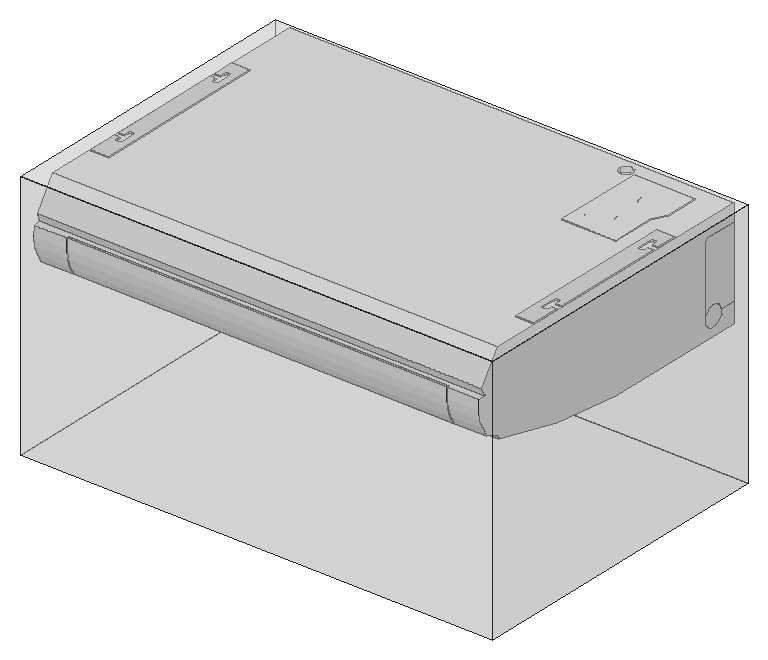
Revit family "outputfile", category 機械設備, Revit 2024
Family settings
  丸型コネクタ寸法 = 半径を使用
  パーツ タイプ = 標準
  OmniClass 番号 = 23.75.10.24.21.27.27
  OmniClass タイトル = Split System Air Conditioning Units
  作業面ベース = いいえ
  常に垂直 = はい
  ロード時にボイドで切り取り = いいえ
  注釈の向きを維持 = いいえ
  共有 = いいえ
  部屋計算ポイント = はい
Parameters (values of type "FHA60CVMV")
  Description = ""
  製造元 = "Daikin"
  書き出し IFC クラス(タイプ) = "IfcUnitaryEquipmentType"
  定義済み IFC タイプ(タイプ) = "AIRCONDITIONINGUNIT"
  Cost = 0
  モデル = "FHA60CVMV"
  Type Comments = ""
  Keynote = ""
  Type Image = (empty or 0)
  Assembly Code = ""
  switch_frequency = yes
  r_Liquid Pipe Size = Liquid Pipe Size / 2  # 4.75 mm
  r_Gas Pipe Size = Gas Pipe Size / 2  # 7.95 mm
  r_Drain Pipe Size = Drain Pipe Size / 2  # 10.0 mm
  l_powersupply [instance] = if(Rear Right Connection_powersupply, 29.0 mm, 175.0 mm)  # 29.0 mm
  h_mountinghole = 2.0 mm  # constant formula
  connector_voltage = Voltage_50Hz  # 230 V
  connector_powerinput = [Power Input (Cooling)]  # 1.530 kW
  connector_phase = Phase_50Hz  # 1
  angle_vertical_powersupply [instance] = if(Rear Right Connection_powersupply, 90.00°, 180.00°)  # 90.00°
  angle_vertical_drainpipe [instance] = if(or(Left Connection_drainpipe, Right Connection_drainpipe), 90.00°, if(Top Connection_drainpipe, 180.00°, -90.00°))  # -90.00°
  angle_horizontal_powersupply [instance] = if(Rear Right Connection_powersupply, 180.00°, 0.00°)  # 180.00°
  angle_horizontal_drainpipe [instance] = if(Right Connection_drainpipe, 90.00°, if(Left Connection_drainpipe, -90.00°, 0.00°))  # 0.00°
  Voltage_comment_60Hz = "220-230"
  Voltage_comment_50Hz = "220 - 240"
  Voltage_60Hz = 220 V
  Voltage_50Hz = 230 V
  URL = ""
  Top Connection_refrigerant [instance] = no
  Top Connection_powersupply [instance] = not(Rear Right Connection_powersupply)  # no
  Right Connection_refrigerant [instance] = no
  Rear Right Connection_refrigerant [instance] = yes
  Phase_60Hz = 1
  Phase_50Hz = 1
  Minimum Circuit Amps_60Hz = 0.0 A
  Minimum Circuit Amps_50Hz = 0.0 A
  Maximum Fuse Amps_60Hz = 0.0 A
  Maximum Fuse Amps_50Hz = 0.0 A
  Material_Casing = DAIKIN_White_Casing_indoorunit
  lw_powersupply [instance] = if(Rear Right Connection_powersupply, 220.0 mm, 210.0 mm)  # 220.0 mm
  lw_mountinghole_pitch = Width - 40.0 mm  # 920.0 mm
  lw_mountinghole = 20.0 mm  # constant formula
  lw_liquidpipe [instance] = if(Right Connection_refrigerant, 156.0 mm, if(Top Connection_refrigerant, 156.0 mm, 136.0 mm))  # 136.0 mm
  lw_gaspipe = 105.0 mm  # constant formula
  lw_drainpipe [instance] = if(Top Connection_drainpipe, 102.0 mm, if(Width = 960.0 mm, if(or(Left Connection_drainpipe, Rear Left Connection_drainpipe), 884.0 mm, 83.0 mm), if(Width = 1270.0 mm, if(or(Left Connection_drainpipe, Rear Left Connection_drainpipe), 1194.0 mm, 83.0 mm), if(Width = 1590.0 mm, if(or(Left Connection_drainpipe, Rear Left Connection_drainpipe), 1514.0 mm, 83.0 mm), 83.0 mm))))  # 83.0 mm
  lh_powersupply = 175.0 mm  # constant formula
  lh_liquidpipe [instance] = if(Rear Right Connection_refrigerant, 160.0 mm, 131.0 mm)  # 160.0 mm
  lh_gaspipe [instance] = if(Rear Right Connection_refrigerant, 150.0 mm, 91.0 mm)  # 150.0 mm
  lh_drainpipe = 197.0 mm  # constant formula
  l_antena = 1.0 mm  # constant formula
  ld_powersupply = 30.0 mm  # constant formula
  ld_mountinghole_pitch = 260.0 mm  # constant formula
  ld_mountinghole = 210.0 mm  # constant formula
  ld_liquidpipe [instance] = if(Right Connection_refrigerant, 57.0 mm, if(Top Connection_refrigerant, 189.0 mm, 221.0 mm))  # 221.0 mm
  ld_gaspipe [instance] = if(Right Connection_refrigerant, 57.0 mm, if(Top Connection_refrigerant, 163.0 mm, 214.0 mm))  # 214.0 mm
  ld_drainpipe [instance] = if(or(Left Connection_drainpipe, Right Connection_drainpipe), 57.0 mm, if(Top Connection_drainpipe, 87.0 mm, 268.0 mm))  # 268.0 mm
  l_liquidpipe_length [instance] = if(Right Connection_refrigerant, 156.0 mm, if(Top Connection_refrigerant, 131.0 mm, 220.0 mm))  # 220.0 mm
  l_gaspipe_length [instance] = if(Right Connection_refrigerant, 105.0 mm, if(Top Connection_refrigerant, 91.0 mm, 213.0 mm))  # 213.0 mm
  l_drainpipe_length [instance] = if(Right Connection_drainpipe, 83.0 mm, if(Top Connection_drainpipe, 197.0 mm, if(Left Connection_drainpipe, 76.0 mm, 267.0 mm)))  # 267.0 mm
  h*** = 0.0 mm  # constant formula
  angle_vertical [instance] = if(Right Connection_refrigerant, 90.00°, if(Top Connection_refrigerant, 180.00°, -90.00°))  # -90.00°
  angle_horizontal [instance] = if(Right Connection_refrigerant, 90.00°, 0.00°)  # 0.00°
  Width = 960.0 mm
  Version = "ver.1.0"
  Unit Type = "Ceiling"
  Unit Mass Weight = 25.00 kg
  Unit Designation [instance] = ""
  Uniclass2015Version = "Products v1.30"
  Uniclass2015Title = "Split coil room air conditioning units"
  Uniclass2015Code = "Pr_70_65_03_86"
  Total Cooling Capacity [instance] = 0.000 kW
  Top Connection_drainpipe [instance] = no
  Sound Pressure Level_M speed (dBA) = 35
  Sound Pressure Level_L speed (dBA) = 32
  Sound Pressure Level_H speed (dBA) = 37
  Series = "SkyAir_Fan Coil Unit"
  Sensible Cooling Capacity [instance] = 0.000 kW
  Rear Right Connection_drainpipe [instance] = yes
  Rear Right Connection_powersupply [instance] = yes
  Right Connection_drainpipe [instance] = no
  Refrigerant Type = "R32"
  Power Input (Cooling) = 1.530 kW
  Option Accessory 3 [instance] = ""
  Option Accessory 2 [instance] = ""
  Option Accessory 1 [instance] = ""
  Nominal Cooling Capacity = 6.000 kW
  Minimum Airflow = 600.00 m³/h
  Median Airflow = 720.00 m³/h
  Maximum Airflow = 900.00 m³/h
  Load Classification = HVAC
  Liquid Pipe Size = 9.5 mm
  Link_Nested Family [instance] = ""
  Rear Left Connection_drainpipe [instance] = no
  Left Connection_drainpipe [instance] = no
  IfcVersion = ""
  IfcExportType = "AIRCONDITIONINGUNIT"
  IfcExportAs = "IfcUnitaryEquipmentType"
  Height = 235.0 mm
  Heat Exchanger Type = "Cross Fin Coil"
  Gas Pipe Size = 15.9 mm
  Frequency_60Hz = 60 Hz
  Frequency_50Hz = 50 Hz
  Fan Type = "Sirocco Fan"
  Fan Drive = "-"
  FCU Tag No. [instance] = ""
  Drain Pipe Size = 20.0 mm
  Design Supply Airflow [instance] = 0.00 m³/h
  Design Outdoor Airflow [instance] = 0.00 m³/h
  Depth = 690.0 mm
  既定の高さ = 0.0 mm
  Cooling Entering Wet Bulb Temperature [instance] = 0.00 °C
  Cooling Entering Dry Bulb Temperature [instance] = 0.00 °C
  Cooling Ambient Wet Bulb Temperature [instance] = 0.00 °C
  Cooling Ambient Dry Bulb Temperature [instance] = 0.00 °C
  Clearance visibility [instance] = yes
  Clearance Top = 5.0 mm
  Clearance Right = 30.0 mm
  Clearance Rear = 0.0 mm
  Clearance Left = 30.0 mm
  Clearance Front = 0.0 mm
  Clearance Bottom = 300.0 mm
Reference planes
  plane 1 "Back": y = 0
  plane 2: z = 0
  plane 3 "Center (Left/Right)": x = 0
  plane 4 "Center (Front/Back)": y = -1
  plane 5 "Front": y = -690
  plane 6 "Left": x = -480
  plane 7 "Right": x = 480
  plane 8 "Top": z = 0
  plane 9 "Bottom": z = -235
  plane 10: y = -690
  plane 11: x = -510
  plane 12: x = 510
  plane 13: z = 5
  plane 14: z = -535
  plane 15: y = 0
  plane 16 "lw_mountinghole": x = -460
  plane 17 "lw_mountinghole2": x = 460
  plane 18 "ld_mountinghole": y = -210
  plane 19 "ld_mountinghole2": y = -470
  plane 20 "lw_gaspipe": x = 375
  plane 21 "ld_gaspipe": y = -214
  plane 22 "lh_gaspipe": z = -150
  plane 23 "lw_liquidpipe": x = 344
  plane 24 "ld_liquidpipe": y = -221
  plane 25 "lh_liquidpipe": z = -160
  plane 26 "ld_drainpipe": y = -268
  plane 27 "lw_drainpipe": x = 397
  plane 28 "lh_drainpipe": z = -197
  plane 29 "lw_powersupply": x = 260
  plane 30 "lh_powersupply": z = -175
  plane 31 "ld_powersupply": y = -30
  plane 32: x = -410.5
  plane 33: x = 410.5
  plane 34: x = -435
  plane 35: x = 435
  plane 36: x = -2
  plane 37: x = 2
Forms (mm)
  Extrusion 1, solid, material "DAIKIN_White_Casing_indoorunit" <- "Material_Casing"
    sketch origin (0, 0, 0) x (0, 1, 0) y (0, 0, 1)
      loop
        line (-639.277, 0) -> (-680.876, -61.699) -> (-675.026, -77.772)
        arc (-675.026, -77.772) -> (-681.815, -78.743) -> (-688.601, -79.732) r 2634.132
        arc (-688.601, -79.732) -> (-687.018, -121.096) -> (-669.159, -158.439) r 102.2
        line (-669.159, -158.439) -> (-639.858, -169.325) -> (-635.895, -178.261)
        arc (-635.895, -178.261) -> (-479.121, -215.759) -> (-319.077, -235) r 1400.997
        line (-319.077, -235) -> (-1, -235) -> (-1, 0) -> (-639.277, 0)
    from -480 to 480
  Extrusion 2, solid, material "DAIKIN_White_Casing_indoorunit" <- "Material_Casing"
    sketch origin (0, 0, 0) x (0, 1, 0) y (0, 0, 1)
      loop
        arc (-688.601, -79.732) -> (-687.018, -121.096) -> (-669.159, -158.439) r 102.2
        line (-669.159, -158.439) -> (-665.589, -154.869)
        arc (-665.589, -154.869) -> (-682.432, -118.783) -> (-683.39, -78.971) r 97.2
        arc (-683.39, -78.971) -> (-685.996, -79.351) -> (-688.601, -79.732) r 2634.132
    from -410.5 to 410.5
  Extrusion 3, void
    sketch origin (0, 0, 0) x (0, 1, 0) y (0, 0, 1)
      loop
        line (-301.098, -235) -> (-21.098, -235) -> (-21.098, -230) -> (-301.098, -230) -> (-301.098, -235)
    from -435 to 435
  Extrusion 4, solid, material "DAIKIN_White_Grille_indoorunit"
    sketch origin (0, 0, 0) x (0, 1, 0) y (0, 0, 1)
      loop
        line (-20.098, -230) -> (-301.098, -230) -> (-301.098, -235) -> (-20.098, -235) -> (-20.098, -230)
    from -435 to -2
  Extrusion 5, solid, material "DAIKIN_White_Casing_indoorunit" <- "Material_Casing"
    sketch origin (0, 0, 0) x (1, 0, 0) y (0, 0, 1)
      loop
        line (287, -63) -> (287, -178) -> (358, -220) -> (421, -220) -> (421, -63) -> (287, -63)
    from 0 to 1
  Extrusion 6, solid, material "DAIKIN_White_Casing_indoorunit" <- "Material_Casing"
    sketch origin (0, 0, 0) x (-1, 0, 0) y (0, -1, 0)
      loop
        line (-292, 35) -> (-292, 230) -> (-408, 230) -> (-408, 135) -> (-423, 105) -> (-423, 35) -> (-292, 35)
    from 0 to 1.9
  Extrusion 7, void
    sketch origin (480, 0, 0) x (0, 1, 0) y (0, 0, 1)
      loop
        arc (-79.5, -195) -> (-55.446, -217.446) -> (-34.715, -191.9) r 22.5
        line (-34.715, -191.9) -> (-1, -191.9) -> (-1, -190.1) -> (-35.04, -190.1)
        arc (-35.04, -190.1) -> (-54.942, -172.594) -> (-77.7, -186.182) r 22.5
        line (-77.7, -186.182) -> (-77.7, -43)
        arc (-77.7, -43) -> (-76.528, -40.172) -> (-73.7, -39) r 4
        line (-73.7, -39) -> (-1, -39) -> (-1, -37.2) -> (-73.7, -37.2)
        arc (-73.7, -37.2) -> (-77.801, -38.899) -> (-79.5, -43) r 5.8
        line (-79.5, -43) -> (-79.5, -195)
      loop
        circle (-57, -195) r 20.7
    from 0 to -10
  Extrusion 8, void
    sketch origin (-1444.026, -1, 1200) x (1, 0, 0) y (0, 0, 1)
      loop
        arc (1030.026, -1375) -> (1019.42, -1379.393) -> (1015.026, -1390) r 15
        line (1015.026, -1390) -> (1015.026, -1400)
        arc (1015.026, -1400) -> (1019.42, -1410.607) -> (1030.026, -1415) r 15
        line (1030.026, -1415) -> (1060.026, -1415)
        arc (1060.026, -1415) -> (1070.633, -1410.607) -> (1075.026, -1400) r 15
        line (1075.026, -1400) -> (1075.026, -1390)
        arc (1075.026, -1390) -> (1070.633, -1379.393) -> (1060.026, -1375) r 15
        line (1060.026, -1375) -> (1030.026, -1375)
    from 0 to 10
  Extrusion 9, void
    sketch origin (-480, 0, 0) x (0, 1, 0) y (0, 0, 1)
      loop
        circle (-57, -197) r 22.5
    from 0 to 10
  Extrusion 10, void
    sketch origin (-1444.026, -1, 1200) x (1, 0, 0) y (0, 0, 1)
      loop
        circle (1821.026, -1375) r 44
    from 0 to 10
  Extrusion 11, void
    sketch origin (0, 0, 0) x (-1, 0, 0) y (0, -1, 0)
      loop
        circle (-378, 87) r 30
    from 0 to -10
  Extrusion 12, void
    sketch origin (0, 0, 0) x (-1, 0, 0) y (0, -1, 0)
      loop
        circle (-375, 163) r 18
    from 0 to -10
  Extrusion 13, void
    sketch origin (0, 0, 0) x (-1, 0, 0) y (0, -1, 0)
      loop
        circle (-324, 189) r 13
    from 0 to -10
  Extrusion 14, void
    sketch origin (-1444.026, -1, 1200) x (1, 0, 0) y (0, 0, 1)
      loop
        circle (1704.026, -1375) r 14.5
    from 0 to 10
  Extrusion 15, void
    sketch origin (0, 0, 0) x (-1, 0, 0) y (0, -1, 0)
      loop
        circle (-270, 30) r 14.5
    from 0 to -10
  Extrusion 16, void
    sketch origin (480, 0, 0) x (0, 1, 0) y (0, 0, 1)
      loop
        arc (-665.589, -154.869) -> (-682.432, -118.783) -> (-683.39, -78.971) r 97.2
        arc (-683.39, -78.971) -> (-685.996, -79.351) -> (-688.601, -79.732) r 2634.132
        arc (-688.601, -79.732) -> (-687.018, -121.096) -> (-669.159, -158.439) r 102.2
        line (-669.159, -158.439) -> (-665.589, -154.869)
    from -69.5 to -890.5
  Extrusion 17, solid, material "DAIKIN_White_Casing_indoorunit" <- "Material_Casing"
    sketch origin (-480, 0, 0) x (0, 1, 0) y (0, 0, 1)
      loop
        circle (-57, -197) r 22.5
    from 0 to 10
  Extrusion 18, solid, material "DAIKIN_White_Grille_indoorunit"
    sketch origin (780, 0, 0) x (0, 1, 0) y (0, 0, 1)
      loop
        line (-20.098, -230) -> (-301.098, -230) -> (-301.098, -235) -> (-20.098, -235) -> (-20.098, -230)
    from -782 to -778
  Extrusion 19, solid, material "DAIKIN_White_Grille_indoorunit"
    sketch origin (0, 0, 0) x (0, 1, 0) y (0, 0, -1)
      loop
        line (-20.098, 230) -> (-20.098, 235) -> (-301.098, 235) -> (-301.098, 230) -> (-20.098, 230)
    from -435 to -2
Cuts and joins
  Extrusion 3, Extrusion 7, Extrusion 8, Extrusion 9, Extrusion 10, Extrusion 11, Extrusion 12, Extrusion 13, Extrusion 14, Extrusion 15, Extrusion 16 cuts Extrusion 1
Lines and regions (mm)
  reference lines
    curve 1: line (480, -580.282, -192.75) -> (480, -551.225, -200.21)
Dimensions and locks
  equal spacing: plane 6 "Left", plane 3 "Center (Left/Right)", plane 7 "Right"
  "Width": plane 6 "Left" to plane 7 "Right"
  "Depth": plane 5 "Front" to plane 1 "Back"
  "Height": plane 8 "Top" to plane 9 "Bottom"
  "Clearance Front": plane 10 to plane 5 "Front"
  "Clearance Left": plane 11 to plane 6 "Left"
  "Clearance Right": plane 7 "Right" to plane 12
  "Clearance Top": plane 13 to plane 8 "Top"
  "Clearance Bottom": plane 9 "Bottom" to plane 14
  "Clearance Rear": plane 1 "Back" to plane 15
  locked: plane 4 "Center (Front/Back)" to plane 1 "Back" at 1
  locked: Extrusion 1 sketch curve to Extrusion 1 sketch curve at 235
  locked: Extrusion 1 sketch curve to Extrusion 1 sketch curve at 318.077
  locked: Extrusion 1 sketch curve to Extrusion 1 sketch curve at 1163.297
  locked: Extrusion 1 sketch curve to Extrusion 1 sketch curve at 231.144
  Extrusion 3 sketch curve to Extrusion 3 sketch curve to plane 1 "Back" = 280.0 mm locked, 21.098 mm locked
  "ld_mountinghole": plane 18 "ld_mountinghole" to plane 1 "Back"
  "ld_mountinghole_pitch": plane 18 "ld_mountinghole" to plane 19 "ld_mountinghole2"
  "lw_mountinghole_pitch": plane 16 "lw_mountinghole" to plane 17 "lw_mountinghole2"
  "lw_mountinghole": plane 6 "Left" to plane 16 "lw_mountinghole"
  "lw_gaspipe": plane 20 "lw_gaspipe" to plane 7 "Right"
  "ld_gaspipe": plane 1 "Back" to plane 21 "ld_gaspipe"
  "lw_liquidpipe": plane 23 "lw_liquidpipe" to plane 7 "Right"
  "ld_liquidpipe": plane 1 "Back" to plane 24 "ld_liquidpipe"
  "lw_drainpipe": plane 27 "lw_drainpipe" to plane 7 "Right"
  "ld_drainpipe": plane 26 "ld_drainpipe" to plane 1 "Back"
  plane 8 "Top" to Extrusion 5 sketch curve to Extrusion 5 sketch curve = 63.0 mm locked, 157.0 mm locked
  plane 7 "Right" to Extrusion 5 sketch curve to Extrusion 5 sketch curve = 59.0 mm locked, 134.0 mm locked
  locked: Extrusion 5 sketch curve to Extrusion 5 sketch curve at 115
  locked: Extrusion 5 sketch curve to Extrusion 5 sketch curve at 63
  locked: Extrusion 6 sketch curve to Extrusion 6 sketch curve at 195
  locked: Extrusion 6 sketch curve to Extrusion 6 sketch curve at 116
  locked: Extrusion 6 sketch curve to Extrusion 6 sketch curve at 131
  locked: Extrusion 6 sketch curve to Extrusion 6 sketch curve at 100
  locked: Extrusion 6 sketch curve to plane 1 "Back" at 35
  locked: Extrusion 6 sketch curve to plane 7 "Right" at 57
  locked: Extrusion 8 sketch curve to Extrusion 8 sketch curve at 40
  locked: Extrusion 8 sketch curve to Extrusion 8 sketch curve at 60
  locked: plane 8 "Top" to Extrusion 8 sketch curve at 175
  locked: Extrusion 8 sketch curve to plane 6 "Left" at 51
  locked: plane 7 "Right" to Extrusion 10 sketch curve at 103
  locked: plane 8 "Top" to Extrusion 10 sketch curve at 175
  locked: Extrusion 11 sketch curve to plane 1 "Back" at 87
  locked: Extrusion 11 sketch curve to plane 7 "Right" at 102
  locked: Extrusion 12 sketch curve to plane 1 "Back" at 163
  locked: Extrusion 12 sketch curve to plane 7 "Right" at 105
  locked: Extrusion 13 sketch curve to plane 1 "Back" at 189
  locked: Extrusion 13 sketch curve to plane 7 "Right" at 156
  "lw_powersupply": plane 29 "lw_powersupply" to plane 7 "Right"
  "lh_gaspipe": plane 8 "Top" to plane 22 "lh_gaspipe"
  "lh_liquidpipe": plane 8 "Top" to plane 25 "lh_liquidpipe"
  "lh_powersupply": plane 8 "Top" to plane 30 "lh_powersupply"
  "lh_drainpipe": plane 8 "Top" to plane 28 "lh_drainpipe"
  "ld_powersupply": plane 1 "Back" to plane 31 "ld_powersupply"
  locked: plane 8 "Top" to Extrusion 7 sketch curve at 195
  locked: Extrusion 7 sketch curve to plane 1 "Back" at 57
  locked: plane 9 "Bottom" to Extrusion 7 sketch curve at 43.1
  locked: Extrusion 7 sketch curve to plane 8 "Top" at 39
  locked: Extrusion 7 sketch curve to plane 1 "Back" at 79.5
  locked: Extrusion 9 sketch curve to plane 1 "Back" at 57
  locked: plane 8 "Top" to Extrusion 9 sketch curve at 197
  locked: Extrusion 17 sketch curve to plane 1 "Back" at 57
  locked: plane 8 "Top" to Extrusion 17 sketch curve at 197
  locked: plane 7 "Right" to Extrusion 14 sketch curve at 220
  locked: plane 8 "Top" to Extrusion 14 sketch curve at 175
  locked: Extrusion 15 sketch curve to plane 7 "Right" at 210
  locked: Extrusion 15 sketch curve to plane 1 "Back" at 30
  locked: curve 1 to plane 9 "Bottom" at 34.79
  locked: curve 1 to plane 9 "Bottom" at 42.25
  locked: plane 6 "Left" to plane 32 at 69.5
  locked: plane 33 to plane 7 "Right" at 69.5
  locked: plane 35 to plane 7 "Right" at 45
  locked: plane 6 "Left" to plane 34 at 45
  plane 36 to plane 3 "Center (Left/Right)" to plane 37 = 2.0 mm locked, 2.0 mm locked
  locked: curve 1 to plane 9 "Bottom" (angle 14.40°)
  aligned and locked: level to plane 2
  aligned and locked: nested 1 to plane 11
  aligned and locked: nested 1 to plane 12
  aligned and locked: nested 1 to plane 10
  aligned and locked: plane 13 to nested 1
  aligned and locked: plane 14 to nested 1
  aligned and locked: plane 15 to nested 1
  aligned and locked: Extrusion 1 sketch curve to plane 8 "Top"
  aligned and locked: Extrusion 2 sketch curve to Extrusion 1  (x2)
  aligned and locked: plane 7 "Right" to Extrusion 1
  aligned and locked: Extrusion 1 to plane 6 "Left"
  aligned and locked: cut or joined group 1 (Extrusion 1, Extrusion 3, Extrusion 7, Extrusion 8, Extrusion 9, Extrusion 10, Extrusion 11, Extrusion 12, Extrusion 13, Extrusion 14, Extrusion 15, Extrusion 16) to Extrusion 3 sketch curve
  aligned and locked: cut or joined group 1 to Extrusion 4 sketch curve
  aligned and locked: Extrusion 5 to plane 4 "Center (Front/Back)"
  aligned and locked: Extrusion 7 sketch curve to plane 4 "Center (Front/Back)"
  aligned and locked: Extrusion 16 sketch curve to Extrusion 2  (x4)
  aligned and locked: Extrusion 16 to Extrusion 2  (x2)
  aligned and locked: nested 2 to plane 26 "ld_drainpipe"
  aligned and locked: plane 27 "lw_drainpipe" to nested 2
  aligned and locked: plane 20 "lw_gaspipe" to nested 3
  aligned and locked: nested 3 to plane 21 "ld_gaspipe"
  aligned and locked: plane 23 "lw_liquidpipe" to nested 4
  aligned and locked: nested 4 to plane 24 "ld_liquidpipe"
  aligned and locked: plane 25 "lh_liquidpipe" to nested 4
  aligned and locked: nested 5 to plane 31 "ld_powersupply"
  aligned and locked: plane 29 "lw_powersupply" to nested 5
  aligned and locked: nested 7 to plane 18 "ld_mountinghole"
  aligned and locked: plane 16 "lw_mountinghole" to nested 7
  aligned and locked: nested 6 to plane 19 "ld_mountinghole2"
  aligned and locked: plane 16 "lw_mountinghole" to nested 6
  aligned and locked: nested 9 to plane 18 "ld_mountinghole"
  aligned and locked: plane 17 "lw_mountinghole2" to nested 9
  aligned and locked: plane 17 "lw_mountinghole2" to nested 8
  aligned and locked: nested 8 to plane 19 "ld_mountinghole2"
  aligned and locked: nested 10 to curve 1
  aligned and locked: level to plane 8 "Top"
  aligned and locked: cut or joined group 1 to plane 32
  aligned and locked: plane 33 to cut or joined group 1
  aligned and locked: Extrusion 16 to plane 32
  aligned and locked: plane 33 to Extrusion 16
  aligned and locked: Extrusion 4 to plane 34
  aligned and locked: cut or joined group 1 to plane 34
  aligned and locked: plane 34 to Extrusion 4  (x3)
  aligned and locked: plane 16 "lw_mountinghole" to nested 11
  aligned and locked: plane 17 "lw_mountinghole2" to nested 12
  aligned and locked: plane 36 to Extrusion 4
  aligned and locked: Extrusion 18 to plane 36
  aligned and locked: plane 37 to Extrusion 18
  aligned and locked: Extrusion 19 to plane 37
  aligned and locked: plane 37 to Extrusion 19
  aligned and locked: plane 35 to Extrusion 19
  aligned and locked: plane 35 to Extrusion 3
  aligned and locked: Extrusion 4 to cut or joined group 1
  aligned and locked: cut or joined group 1 to Extrusion 18
  aligned and locked: cut or joined group 1 to Extrusion 19
Automatic sketch dimensions
  Extrusion 1 sketch curve to plane 4 "Center (Front/Back)" = 0.0 mm
  Extrusion 1 sketch curve to plane 5 "Front" = 102.2 mm
  Extrusion 1 sketch curve to plane 30 "lh_powersupply" = 3.261 mm
  Extrusion 1 sketch curve to plane 5 "Front" = 50.723 mm
  plane 30 "lh_powersupply" to Extrusion 1 sketch curve = 5.675 mm
  Extrusion 1 sketch curve to Extrusion 1 sketch curve = 3.963 mm
  plane 25 "lh_liquidpipe" to Extrusion 1 sketch curve = 1.561 mm
  Extrusion 1 sketch curve to plane 5 "Front" = 20.841 mm
  Extrusion 1 sketch curve to plane 5 "Front" = 14.974 mm
  Extrusion 1 sketch curve to plane 5 "Front" = 9.124 mm
  Extrusion 1 sketch curve to plane 26 "ld_drainpipe" = 37.278 mm
  Extrusion 1 sketch curve to plane 14 = 2150.825 mm
  plane 22 "lh_gaspipe" to Extrusion 1 sketch curve = 53.413 mm
  Extrusion 1 sketch curve to level = 77.772 mm
  Extrusion 1 sketch curve to Extrusion 1 sketch curve = 16.072 mm
  Extrusion 2 sketch curve to Extrusion 2 sketch curve = 0.0 mm  (x2)
  plane 25 "lh_liquidpipe" to Extrusion 2 sketch curve = 1.561 mm
  Extrusion 2 sketch curve to plane 22 "lh_gaspipe" = 4.869 mm
  Extrusion 2 sketch curve to Extrusion 2 sketch curve = 3.57 mm
  Extrusion 3 sketch curve to Extrusion 3 sketch curve = 5.0 mm
  plane 31 "ld_powersupply" to Extrusion 4 sketch curve = 9.902 mm
  Extrusion 4 sketch curve to Extrusion 4 sketch curve = 5.0 mm
  Extrusion 6 sketch curve to Extrusion 6 sketch curve = 30.0 mm
  Extrusion 7 sketch curve to Extrusion 7 sketch curve = 0.0 mm  (x6)
  Extrusion 7 sketch curve to plane 4 "Center (Front/Back)" = 0.0 mm  (x2)
  Extrusion 7 sketch curve to Extrusion 7 sketch curve = 1.8 mm  (x2)
  Extrusion 7 sketch curve to Extrusion 7 sketch curve = 4.0 mm
  Extrusion 7 sketch curve to Extrusion 7 sketch curve = 0.325 mm
  Extrusion 8 sketch curve to plane 32 = 3.5 mm  (x2)
  Extrusion 8 sketch curve to plane 28 "lh_drainpipe" = 3.0 mm
  Extrusion 8 sketch curve to Extrusion 8 sketch curve = 15.0 mm
  curve 1 to plane 5 "Front" = 109.718 mm
  Extrusion 18 sketch curve to plane 9 "Bottom" = 0.0 mm
  plane 9 "Bottom" to Extrusion 18 sketch curve = 5.0 mm
  Extrusion 18 sketch curve to plane 26 "ld_drainpipe" = 33.098 mm
  plane 31 "ld_powersupply" to Extrusion 18 sketch curve = 9.902 mm
  Extrusion 19 sketch curve to plane 9 "Bottom" = 0.0 mm
  plane 9 "Bottom" to Extrusion 19 sketch curve = 5.0 mm
  Extrusion 19 sketch curve to plane 26 "ld_drainpipe" = 33.098 mm
  plane 31 "ld_powersupply" to Extrusion 19 sketch curve = 9.902 mm
  Extrusion 4 sketch curve to plane 26 "ld_drainpipe" = 33.098 mm
  radius of Extrusion 7 sketch curve = 20.7 mm
  radius of Extrusion 9 sketch curve = 22.5 mm
  radius of Extrusion 10 sketch curve = 44.0 mm
  radius of Extrusion 11 sketch curve = 30.0 mm
  radius of Extrusion 12 sketch curve = 18.0 mm
  radius of Extrusion 13 sketch curve = 13.0 mm
  radius of Extrusion 14 sketch curve = 14.5 mm
  radius of Extrusion 15 sketch curve = 14.5 mm
  radius of Extrusion 17 sketch curve = 22.5 mm
Nested families
  nested 1: "daikin_clearancespace" at (0, -345, -264.881), visible <- "Clearance visibility", show <- "Clearance visibility", Link_Nested Family <- "Link_Nested Family", type "daikin_clearancespace"
    with width 1020.0 mm, show yes, height 540.0 mm, depth 690.0 mm, Link_Nested Family ""
  nested 2: "daikin_connector_rotate3" at (397, -268, -197), radius <- "r_Drain Pipe Size", angle_vertical <- "angle_vertical_drainpipe", angle_horizontal <- "angle_horizontal_drainpipe", length <- "l_drainpipe_length", type "daikin_connector_rotate3"
    with show no, radius 10.0 mm, length 267.0 mm, angle_vertical -90.00°, angle_horizontal 0.00°
  nested 3: "daikin_connector_rotate3" at (375, -214, -150), radius <- "r_Gas Pipe Size", angle_vertical <- "angle_vertical", angle_horizontal <- "angle_horizontal", length <- "l_gaspipe_length", type "daikin_connector_rotate3"
    with show no, radius 7.95 mm, length 213.0 mm, angle_vertical -90.00°, angle_horizontal 0.00°
  nested 4: "daikin_connector_rotate3" at (344, -221, -160), radius <- "r_Liquid Pipe Size", angle_vertical <- "angle_vertical", angle_horizontal <- "angle_horizontal", length <- "l_liquidpipe_length", type "daikin_connector_rotate3"
    with show no, radius 4.75 mm, length 220.0 mm, angle_vertical -90.00°, angle_horizontal 0.00°
  nested 5: "daikin_connector_rotate3" at (260, -30, -175), length <- "l_powersupply", angle_vertical <- "angle_vertical_powersupply", angle_horizontal <- "angle_horizontal_powersupply", type "daikin_connector_rotate3"
    with show no, radius 10.0 mm, length 29.0 mm, angle_vertical 90.00°, angle_horizontal 180.00°
  nested 6: "daikin_mountinghole" at (-460, -470, 0), l_antenna <- "l_antena", Link_Nested Family <- "Link_Nested Family", h_mountinghole <- "h_mountinghole", type "daikin_mountinghole"
    with show yes, l_antenna 1.0 mm, h_mountinghole 2.0 mm, Link_Nested Family ""
  nested 7: "daikin_mountinghole" at (-460, -210, 0), l_antenna <- "l_antena", Link_Nested Family <- "Link_Nested Family", h_mountinghole <- "h_mountinghole", type "daikin_mountinghole"
    with show yes, l_antenna 1.0 mm, h_mountinghole 2.0 mm, Link_Nested Family ""
  nested 8: "daikin_mountinghole" at (460, -470, 0), l_antenna <- "l_antena", Link_Nested Family <- "Link_Nested Family", h_mountinghole <- "h_mountinghole", type "daikin_mountinghole"
    with show yes, l_antenna 1.0 mm, h_mountinghole 2.0 mm, Link_Nested Family ""
  nested 9: "daikin_mountinghole" at (460, -210, 0), Link_Nested Family <- "Link_Nested Family", l_antenna <- "l_antena", h_mountinghole <- "h_mountinghole", type "daikin_mountinghole"
    with show yes, l_antenna 1.0 mm, h_mountinghole 2.0 mm, Link_Nested Family ""
  nested 10: "daikin_logo_plane_w40" at (332.963, -559.801, -198.008) x (1, 0, 0) z (0, -0.2487, -0.9686), type "daikin_logo_plane_w40"
    with show_logo yes
  nested 11: "daikin_hangerfixture_FHA-CVMV" at (-460, 0, 0), type "daikin_hangerfixture_FHA-CVMV"
    with width 38.0 mm, height 2.0 mm, depth 380.0 mm
  nested 12: "daikin_hangerfixture_FHA-CVMV" at (460, 0, 0) x (-1, 0, 0) z (0, 0, 1), type "daikin_hangerfixture_FHA-CVMV"
    with width 38.0 mm, height 2.0 mm, depth 380.0 mm
Connectors
  piping at (397, -1, -197), diameter 20, driven by "r_Drain Pipe Size"
    settings: on nested 2, index 1, connector inside diameter 609.6 mm, connector length 0.0 mm, flow factor 0, pipe flow 0.00 m³/h, pressure drop 0.0 Pa, fitting loss kfactor 0, connector angle 0.00°, fixture units 0, engagement length 0.0 mm, angle of deflection 0.00°, flow configuration 1, flow direction 2, fitting loss method 4, system type 16, joint type 0, gender type 0, connector reference index -1, connector utility 0, adjustable connector no, is connector primary yes, connector description "Condensate Drain Piping"
  piping at (375, -1, -150), diameter 15.9, driven by "r_Gas Pipe Size"
    settings: on nested 3, index 3, connector inside diameter 609.6 mm, connector length 0.0 mm, flow factor 0, pipe flow 0.00 m³/h, pressure drop 0.0 Pa, fitting loss kfactor 0, connector angle 0.00°, fixture units 0, engagement length 0.0 mm, angle of deflection 0.00°, flow configuration 1, flow direction 2, fitting loss method 0, system type 29, joint type 0, gender type 0, connector reference index -1, connector utility 0, adjustable connector no, is connector primary no, connector description "Refrigerant Gas Piping"
  piping at (344, -1, -160), diameter 9.5, driven by "r_Liquid Pipe Size"
    settings: on nested 4, index 4, connector inside diameter 609.6 mm, connector length 0.0 mm, flow factor 0, pipe flow 0.00 m³/h, pressure drop 0.0 Pa, fitting loss kfactor 0, connector angle 0.00°, fixture units 0, engagement length 0.0 mm, angle of deflection 0.00°, flow configuration 1, flow direction 1, fitting loss method 0, system type 29, joint type 0, gender type 0, connector reference index -1, connector utility 0, adjustable connector no, is connector primary no, connector description "Refrigerant Liquid Piping"
  electrical at (260, -1, -175), driven by "Load Classification", driven by "connector_powerinput", driven by "connector_phase", driven by "connector_voltage"
    settings: on nested 5, index 6, voltage 230 V, apparent load 1530 VA, apparent load phase1 0 VA, apparent load phase2 0 VA, apparent load phase3 0 VA, power factor 1, load classification "HVAC", number of poles 1, system type 30, power factor state 1, is connector primary yes, connector utility no, sub classification motor no, connector description "Power Supply"
Definition of nested family "daikin_clearancespace"
  Parameters (values of type "daikin_clearancespace")
    Description = "daikin_clearancespace"
    width [instance] = 1823.963 mm
    show [instance] = yes
    material = none
    height [instance] = 1359.762 mm
    depth [instance] = 880.0 mm
    Default Elevation = 0.0 mm
    Link_Nested Family [instance] = ""
  Reference planes
    plane 1 "Center (Front/Back)": y = 0
    plane 2 "Center (Elevation)": z = -0.119
    plane 3 "Center (Left/Right)": x = 0
    plane 4: y = 440
    plane 5: y = -440
    plane 6 "Right": x = 911.982
    plane 7 "Left": x = -911.982
    plane 8 "Top": z = 679.762
    plane 9 "Bottom": z = -680
  Forms (mm)
    Extrusion 1, solid, material <- "material", visible <- "show"
      sketch origin (0, 0, 0) x (1, 0, 0) y (0, 1, 0)
        loop
          line (-911.982, 440) -> (-911.982, -440) -> (911.982, -440) -> (911.982, 440) -> (-911.982, 440)
      from -680 to 679.762
  Lines and regions (mm)
    symbolic lines, visible <- "show"
      curve 1: line (911.982, 440, 0) -> (-911.982, 440, 0)
      curve 2: line (-911.982, 440, 0) -> (-911.982, -440, 0)
      curve 3: line (-911.982, -440, 0) -> (911.982, -440, 0)
      curve 4: line (911.982, -440, 0) -> (911.982, 440, 0)
      curve 5: line (911.982, 0, 679.762) -> (-911.982, 0, 679.762)
      curve 6: line (911.982, 0, -680) -> (911.982, 0, 679.762)
      curve 7: line (-911.982, 0, -680) -> (911.982, 0, -680)
      curve 8: line (-911.982, 0, 679.762) -> (-911.982, 0, -680)
      curve 9: line (0, 440, 679.762) -> (0, -440, 679.762)
      curve 10: line (0, -440, 679.762) -> (0, -440, -680)
      curve 11: line (0, 440, -680) -> (0, 440, 679.762)
      curve 12: line (0, -440, -680) -> (0, 440, -680)
  Dimensions and locks
    "width": plane 7 "Left" to plane 6 "Right"
    "depth": plane 4 to plane 5
    "height": plane 8 "Top" to plane 9 "Bottom"
    equal spacing: plane 7 "Left", plane 3 "Center (Left/Right)", plane 6 "Right"
    equal spacing: plane 4, plane 1 "Center (Front/Back)", plane 5
    equal spacing: plane 8 "Top", plane 2 "Center (Elevation)", plane 9 "Bottom"
    aligned and locked: level to plane 2 "Center (Elevation)"
    aligned and locked: Extrusion 1 sketch curve to plane 4
    aligned and locked: plane 7 "Left" to Extrusion 1 sketch curve
    aligned and locked: Extrusion 1 sketch curve to plane 5
    aligned and locked: Extrusion 1 sketch curve to plane 6 "Right"
    aligned and locked: plane 8 "Top" to Extrusion 1
    aligned and locked: curve 1 to Extrusion 1
    aligned and locked: curve 2 to Extrusion 1
    aligned and locked: curve 3 to Extrusion 1
    aligned and locked: curve 4 to Extrusion 1
    aligned and locked: curve 5 to Extrusion 1
    aligned and locked: curve 6 to Extrusion 1
    aligned and locked: curve 7 to Extrusion 1
    aligned and locked: curve 8 to Extrusion 1
    aligned and locked: curve 9 to Extrusion 1
    aligned and locked: curve 10 to Extrusion 1
    aligned and locked: curve 11 to Extrusion 1
    aligned and locked: curve 12 to Extrusion 1
    aligned and locked: Extrusion 1 to plane 9 "Bottom"
Definition of nested family "daikin_logo_plane_w40"
  Parameters (values of type "daikin_logo_plane_w40")
    width = 40.0 mm
    show_logo [instance] = yes
    material = none
    height = 0.0 mm
    depth = 0.0 mm
    Default Elevation = 1219.2 mm
  Reference planes
    plane 1 "Center (Front/Back)": y = 0
    plane 2: z = 0
    plane 3 "Center (Left/Right)": x = 0
    plane 4: z = 2
    plane 5 "left": x = -19
    plane 6: x = 19
  Forms (mm)
    Extrusion 1, solid, visible <- "show_logo"
      sketch origin (-19, 0, 0) x (1, 0, 0) y (0, 1, 0)
        loop
          line (8.902, -1.878) -> (7.789, -6.332) -> (11.13, -6.332)
          arc (11.13, -6.332) -> (12.454, -6.064) -> (13.472, -5.176) r 2.642
          arc (13.472, -5.176) -> (13.92, -4.02) -> (13.767, -2.79) r 2.537
          arc (13.767, -2.79) -> (13.452, -2.342) -> (12.982, -2.06) r 1.321
          arc (12.982, -2.06) -> (12.063, -1.902) -> (11.13, -1.878) r 6.479
          line (11.13, -1.878) -> (8.902, -1.878)
        loop
          line (10.016, -5.441) -> (10.907, -5.441)
          arc (10.907, -5.441) -> (11.591, -4.983) -> (11.988, -4.261) r 1.742
          spline (11.988, -4.261) -> (12.01, -4.155) -> (12.027, -4.03) -> (12.037, -3.893) -> (12.037, -3.747) -> (12.026, -3.598) -> (12.002, -3.451) -> (11.962, -3.31) -> (11.905, -3.181) -> (11.829, -3.069) -> (11.731, -2.978) -> (11.61, -2.913) -> (11.464, -2.88)
          line (11.464, -2.88) -> (10.573, -2.88) -> (10.016, -5.441)
        loop
          line (13.58, -6.332) -> (14.805, -6.332) -> (15.223, -5.553) -> (16.977, -5.553) -> (17.144, -6.332) -> (19.149, -6.332) -> (18.258, -1.878) -> (16.03, -1.878) -> (13.58, -6.332)
        loop
          line (16.476, -3.214) -> (15.76, -4.551) -> (16.762, -4.551) -> (16.476, -3.214)
        loop
          line (19.705, -6.332) -> (21.599, -6.332) -> (22.712, -1.878) -> (20.819, -1.878) -> (19.705, -6.332)
        loop
          line (22.712, -6.332) -> (24.606, -6.332) -> (24.908, -5.122) -> (25.831, -6.332) -> (28.17, -6.332) -> (26.388, -3.994) -> (28.949, -1.878) -> (26.945, -1.878) -> (25.401, -3.153) -> (25.719, -1.878) -> (23.826, -1.878) -> (22.712, -6.332)
        loop
          line (29.84, -1.878) -> (28.615, -6.332) -> (30.62, -6.332) -> (31.734, -1.878) -> (29.84, -1.878)
        loop
          line (31.734, -6.332) -> (33.07, -6.332) -> (33.7, -3.814) -> (34.518, -6.332) -> (36.745, -6.332) -> (37.859, -1.878) -> (36.523, -1.878) -> (35.845, -4.589) -> (34.963, -1.878) -> (32.847, -1.878) -> (31.734, -6.332)
      from 0 to 2
    Extrusion 2, solid, visible <- "show_logo"
      sketch origin (-19, 0, 0) x (1, 0, 0) y (0, 1, 0)
        loop
          line (8.7, 0) -> (4.235, 0) -> (0, -3.879) -> (0, -8) -> (8.7, 0)
      from 0 to 2
    Extrusion 3, solid, visible <- "show_logo"
      sketch origin (-19, 0, 0) x (1, 0, 0) y (0, 1, 0)
        loop
          line (0, 0) -> (0, -3.879) -> (4.235, 0) -> (0, 0)
      from 0 to 2
  Dimensions and locks
    plane 4 to plane 2 = 2.0 mm
    equal spacing: plane 5 "left", plane 3 "Center (Left/Right)", plane 6
    locked: plane 5 "left" to plane 6 at 38
    aligned and locked: level to plane 2
    aligned and locked: Extrusion 3 to plane 1 "Center (Front/Back)"  (x2)
    aligned and locked: Extrusion 2 to plane 1 "Center (Front/Back)"  (x2)
    aligned and locked: plane 4 to Extrusion 1
    aligned and locked: plane 4 to Extrusion 3
    aligned and locked: plane 4 to Extrusion 2
    aligned and locked: Extrusion 3 to plane 5 "left"
    aligned and locked: Extrusion 2 to plane 5 "left"
  Automatic sketch dimensions
    Extrusion 1 sketch curve to Extrusion 1 sketch curve = 0.901 mm
    Extrusion 1 sketch curve to Extrusion 1 sketch curve = 1.559 mm
    Extrusion 1 sketch curve to Extrusion 1 sketch curve = 1.327 mm
    Extrusion 1 sketch curve to Extrusion 1 sketch curve = 2.145 mm
    Extrusion 1 sketch curve to Extrusion 1 sketch curve = 1.448 mm
    Extrusion 1 sketch curve to Extrusion 1 sketch curve = 2.116 mm
    Extrusion 1 sketch curve to Extrusion 1 sketch curve = 1.114 mm  (x4)
    Extrusion 1 sketch curve to Extrusion 1 sketch curve = 1.336 mm  (x2)
    plane 1 "Center (Front/Back)" to Extrusion 1 sketch curve = 1.878 mm  (x5)
    Extrusion 1 sketch curve to Extrusion 1 sketch curve = 1.893 mm  (x5)
    Extrusion 1 sketch curve to Extrusion 1 sketch curve = 0.891 mm  (x4)
    Extrusion 1 sketch curve to Extrusion 1 sketch curve = 2.005 mm  (x3)
    Extrusion 1 sketch curve to Extrusion 1 sketch curve = 0.445 mm  (x2)
    plane 1 "Center (Front/Back)" to Extrusion 1 sketch curve = 3.994 mm
    Extrusion 1 sketch curve to Extrusion 1 sketch curve = 0.557 mm  (x2)
    Extrusion 1 sketch curve to Extrusion 1 sketch curve = 2.339 mm  (x2)
    Extrusion 1 sketch curve to Extrusion 1 sketch curve = 1.225 mm  (x3)
    plane 1 "Center (Front/Back)" to Extrusion 1 sketch curve = 3.153 mm
    Extrusion 1 sketch curve to Extrusion 1 sketch curve = 0.987 mm
    plane 1 "Center (Front/Back)" to Extrusion 1 sketch curve = 5.122 mm
    Extrusion 1 sketch curve to Extrusion 1 sketch curve = 0.922 mm
    plane 1 "Center (Front/Back)" to Extrusion 1 sketch curve = 6.332 mm
    Extrusion 1 sketch curve to Extrusion 1 sketch curve = 2.562 mm
    plane 1 "Center (Front/Back)" to Extrusion 1 sketch curve = 5.553 mm
    Extrusion 1 sketch curve to Extrusion 1 sketch curve = 0.167 mm
    Extrusion 1 sketch curve to Extrusion 1 sketch curve = 0.215 mm
    plane 1 "Center (Front/Back)" to Extrusion 1 sketch curve = 3.214 mm
    Extrusion 1 sketch curve to Extrusion 1 sketch curve = 0.286 mm
    plane 1 "Center (Front/Back)" to Extrusion 1 sketch curve = 4.551 mm
    Extrusion 1 sketch curve to Extrusion 1 sketch curve = 1.002 mm
    Extrusion 1 sketch curve to Extrusion 1 sketch curve = 0.537 mm
    Extrusion 1 sketch curve to Extrusion 1 sketch curve = 0.418 mm
    Extrusion 1 sketch curve to Extrusion 1 sketch curve = 1.028 mm
    plane 1 "Center (Front/Back)" to Extrusion 1 sketch curve = 4.261 mm
    Extrusion 1 sketch curve to Extrusion 1 sketch curve = 0.563 mm
    plane 1 "Center (Front/Back)" to Extrusion 1 sketch curve = 2.88 mm
    Extrusion 1 sketch curve to Extrusion 1 sketch curve = 1.088 mm
    Extrusion 1 sketch curve to Extrusion 1 sketch curve = 2.152 mm
    Extrusion 1 sketch curve to Extrusion 1 sketch curve = 0.586 mm
    Extrusion 1 sketch curve to Extrusion 1 sketch curve = 0.118 mm
    Extrusion 1 sketch curve to Extrusion 1 sketch curve = 0.298 mm
    Extrusion 1 sketch curve to Extrusion 1 sketch curve = 0.334 mm
    Extrusion 1 sketch curve to Extrusion 1 sketch curve = 0.223 mm
    Extrusion 1 sketch curve to Extrusion 1 sketch curve = 0.266 mm
    Extrusion 1 sketch curve to Extrusion 1 sketch curve = 1.671 mm
    Extrusion 1 sketch curve to Extrusion 1 sketch curve = 2.227 mm
    Extrusion 1 sketch curve to Extrusion 1 sketch curve = 0.0 mm  (x7)
    Extrusion 1 sketch curve to Extrusion 1 sketch curve = 3.453 mm
    Extrusion 1 sketch curve to Extrusion 1 sketch curve = 2.017 mm
    Extrusion 1 sketch curve to Extrusion 1 sketch curve = 0.78 mm  (x2)
    Extrusion 1 sketch curve to Extrusion 1 sketch curve = 1.743 mm
    Extrusion 1 sketch curve to Extrusion 1 sketch curve = 0.775 mm
    Extrusion 1 sketch curve to Extrusion 1 sketch curve = 0.552 mm
    Extrusion 1 sketch curve to Extrusion 1 sketch curve = 0.014 mm
    Extrusion 1 sketch curve to Extrusion 1 sketch curve = 0.952 mm
    Extrusion 1 sketch curve to Extrusion 1 sketch curve = 1.215 mm
    Extrusion 1 sketch curve to Extrusion 1 sketch curve = 0.108 mm
    plane 1 "Center (Front/Back)" to Extrusion 2 sketch curve = 0.0 mm
    Extrusion 2 sketch curve to plane 3 "Center (Left/Right)" = 19.0 mm
    Extrusion 2 sketch curve to plane 3 "Center (Left/Right)" = 14.765 mm
    Extrusion 2 sketch curve to Extrusion 2 sketch curve = 4.465 mm
    plane 1 "Center (Front/Back)" to Extrusion 2 sketch curve = 3.879 mm
    Extrusion 2 sketch curve to Extrusion 2 sketch curve = 4.12 mm
    plane 1 "Center (Front/Back)" to Extrusion 3 sketch curve = 0.0 mm
    Extrusion 3 sketch curve to plane 3 "Center (Left/Right)" = 19.0 mm
    Extrusion 3 sketch curve to plane 3 "Center (Left/Right)" = 14.765 mm
    plane 1 "Center (Front/Back)" to Extrusion 3 sketch curve = 3.879 mm
    Extrusion 1 sketch curve to plane 3 "Center (Left/Right)" = 11.211 mm
    Extrusion 1 sketch curve to Extrusion 1 sketch curve = 1.782 mm
Definition of nested family "daikin_hangerfixture_FHA-CVMV"
  Parameters (values of type "daikin_hangerfixture_FHA-CV2S")
    width = 44.0 mm
    material = none
    height = 155.0 mm
    depth = 33.0 mm
    Default Elevation = 0.0 mm
  Reference planes
    plane 1 "Center (Front/Back)": y = 0
    plane 2: z = 0
    plane 3 "Center (Left/Right)": x = 0
    plane 4: z = -2.3
    plane 5: z = -155
    plane 6: z = -12
  Forms (mm)
    Extrusion 1, solid
      sketch origin (0, 0, 0) x (1, 0, 0) y (0, 1, 0)
        loop
          line (20, -159) -> (-18, -159) -> (-18, -204) -> (-6, -204) -> (-6, -196)
          arc (-6, -196) -> (0, -190) -> (6, -196) r 6
          line (6, -196) -> (6, -224)
          arc (6, -224) -> (0, -230) -> (-6, -224) r 6
          line (-6, -224) -> (-6, -216) -> (-18, -216) -> (-18, -464) -> (-6, -464) -> (-6, -456)
          arc (-6, -456) -> (0, -450) -> (6, -456) r 6
          line (6, -456) -> (6, -484)
          arc (6, -484) -> (0, -490) -> (-6, -484) r 6
          line (-6, -484) -> (-6, -476) -> (-18, -476) -> (-18, -539) -> (20, -539) -> (20, -159)
      from 0 to 2
  Dimensions and locks
    plane 2 to plane 4 = 2.3 mm
    "height": plane 2 to plane 5
    locked: plane 2 to plane 6 at 12
    aligned and locked: level to plane 2
  Automatic sketch dimensions
    plane 3 "Center (Left/Right)" to Extrusion 1 sketch curve = 20.0 mm
    plane 1 "Center (Front/Back)" to Extrusion 1 sketch curve = 159.0 mm
    Extrusion 1 sketch curve to plane 3 "Center (Left/Right)" = 18.0 mm
    Extrusion 1 sketch curve to Extrusion 1 sketch curve = 380.0 mm
    Extrusion 1 sketch curve to Extrusion 1 sketch curve = 63.0 mm
    Extrusion 1 sketch curve to plane 3 "Center (Left/Right)" = 0.0 mm  (x4)
    plane 3 "Center (Left/Right)" to Extrusion 1 sketch curve = 6.0 mm
    Extrusion 1 sketch curve to Extrusion 1 sketch curve = 8.0 mm  (x4)
    Extrusion 1 sketch curve to Extrusion 1 sketch curve = 20.0 mm  (x2)
    Extrusion 1 sketch curve to Extrusion 1 sketch curve = 0.0 mm  (x2)
    Extrusion 1 sketch curve to Extrusion 1 sketch curve = 57.0 mm
    Extrusion 1 sketch curve to plane 3 "Center (Left/Right)" = 6.0 mm
Definition of nested family "daikin_connector_rotate3"
  Parameters (values of type "daikin_connector_rotate3")
    show [instance] = yes
    radius [instance] = 10.0 mm
    length [instance] = 600.0 mm
    angle_horizontal [instance] = 60.00°
    angle_vertical [instance] = 90.00°
    Default Elevation = 1219.2 mm
  Reference planes
    plane 1 "Center (Front/Back)": y = 0
    plane 2: z = 0
    plane 3 "Center (Left/Right)": x = 0
  Dimensions and locks
    "angle_horizontal": angle plane 3 "Center (Left/Right)" to nested 1
    aligned and locked: level to plane 2
    aligned and locked: plane 1 "Center (Front/Back)" to nested 1  (x2)
    aligned and locked: plane 3 "Center (Left/Right)" to nested 1
  Nested families
    nested 1: "daikin_connector_rotate2" at (0, 0, 0) x (0.5, 0.866, 0) z (0, 0, 1), angle_vertical <- "angle_vertical", length <- "length", radius <- "radius", type "daikin_connector_rotate2"
      with radius 10.0 mm, length 600.0 mm, angle_vertical 90.00°
  Definition of nested family "daikin_connector_rotate2"
    Parameters (values of type "daikin_connector_rotate2")
      show_face = yes
      radius [instance] = 10.0 mm
      length [instance] = 600.0 mm
      d_surface = 10.0 mm
      angle_vertical [instance] = 90.00°
      Default Elevation = 0.0 mm
    Reference planes
      plane 1 "Center (Front/Back)": y = 0
      plane 2: z = 0
      plane 3 "Center (Left/Right)": x = 0
    Forms (mm)
      Extrusion 1, solid, visible <- "show_face"
        sketch origin (0, -600, 0) x (1, 0, 0) y (0, 0, 1)
          loop
            circle (0, 0) r 10
        from 0 to -10
    Lines and regions (mm)
      reference lines
        curve 1: line (0, 0, 0) -> (0, -600, 0)
      symbolic lines
        curve 2: circle (0, 0, 0) r 5 normal (0, 0, 1)
      model lines, visible <- "show_face"
        curve 3: line (0, 0, 0) -> (0, -600, 0)
    Dimensions and locks
      "length": curve 1 to curve 1
      "length": curve 3 to curve 3
      "d_surface": Extrusion 1 to Extrusion 1
      "radius": radius of Extrusion 1 sketch curve
      "angle_vertical": angle curve 1 to plane 1 "Center (Front/Back)"
      "angle_vertical": angle curve 3 to plane 1 "Center (Front/Back)"
      aligned and locked: level to plane 2
      aligned and locked: plane 1 "Center (Front/Back)" to curve 1
      aligned and locked: plane 2 to curve 1
      aligned and locked: plane 1 "Center (Front/Back)" to curve 2
      aligned and locked: plane 3 "Center (Left/Right)" to curve 2
      aligned and locked: plane 1 "Center (Front/Back)" to curve 3
      aligned and locked: plane 2 to curve 3
      aligned and locked: Extrusion 1 to Extrusion 1
    Automatic sketch dimensions
      Extrusion 1 sketch curve to level = 0.0 mm
      Extrusion 1 sketch curve to plane 3 "Center (Left/Right)" = 0.0 mm
      radius of curve 2 = 5.0 mm
Definition of nested family "daikin_mountinghole"
  Parameters (values of type "daikin_mountinghole")
    Default Elevation = 1219.2 mm
    Type Comments = "mountinghole"
    show [instance] = yes
    material = none
    l_centerline = 100.0 mm
    l_antenna [instance] = 100.0 mm
    h_mountinghole [instance] = 0.0 mm
    d_circle = 30.0 mm
    Link_Nested Family [instance] = ""
  Reference planes
    plane 1 "Center (Front/Back)": y = 0
    plane 2: z = 0
    plane 3 "Center (Left/Right)": x = 0
    plane 4: y = 50
    plane 5: x = -50
    plane 6: x = 50
    plane 7: y = -50
    plane 8 "h_mountinghole": z = 0
    plane 9: z = 100
  Lines and regions (mm)
    model lines, detail levels fine
      curve 1: circle (0, 0, 0) r 15 normal (0, 0, 1)
      curve 2: line (-50, 0, 0) -> (50, 0, 0)
      curve 3: line (0, 50, 0) -> (0, -50, 0)
    symbolic lines, detail levels fine
      curve 4: circle (0, 0, 0) r 15 normal (0, 0, 1)
      curve 5: line (-50, 0, 0) -> (50, 0, 0)
      curve 6: line (0, 50, 0) -> (0, -50, 0)
    model lines
      curve 7: line (0, 0, 100) -> (0, 0, 0)
  Dimensions and locks
    equal spacing: plane 4, plane 1 "Center (Front/Back)", plane 7
    "l_centerline": plane 4 to plane 7
    equal spacing: plane 5, plane 3 "Center (Left/Right)", plane 6
    "l_centerline": plane 5 to plane 6
    "l_antenna": plane 9 to plane 8 "h_mountinghole"
    "h_mountinghole": plane 8 "h_mountinghole" to plane 2
    "d_circle": diameter of curve 1
    "d_circle": diameter of curve 4
    aligned and locked: level to plane 2
    aligned and locked: plane 1 "Center (Front/Back)" to curve 1
    aligned and locked: plane 3 "Center (Left/Right)" to curve 1
    aligned and locked: plane 1 "Center (Front/Back)" to curve 2
    aligned and locked: curve 3 to plane 3 "Center (Left/Right)"
    aligned and locked: plane 6 to curve 2
    aligned and locked: plane 5 to curve 2
    aligned and locked: plane 4 to curve 3
    aligned and locked: plane 7 to curve 3
    aligned and locked: plane 1 "Center (Front/Back)" to curve 4
    aligned and locked: plane 3 "Center (Left/Right)" to curve 4
    aligned and locked: plane 6 to curve 5
    aligned and locked: plane 5 to curve 5
    aligned and locked: plane 1 "Center (Front/Back)" to curve 5
    aligned and locked: plane 4 to curve 6
    aligned and locked: plane 7 to curve 6
    aligned and locked: curve 6 to plane 3 "Center (Left/Right)"
    aligned and locked: curve 7 to plane 3 "Center (Left/Right)"
    aligned and locked: plane 9 to curve 7
    aligned and locked: plane 8 "h_mountinghole" to curve 7
